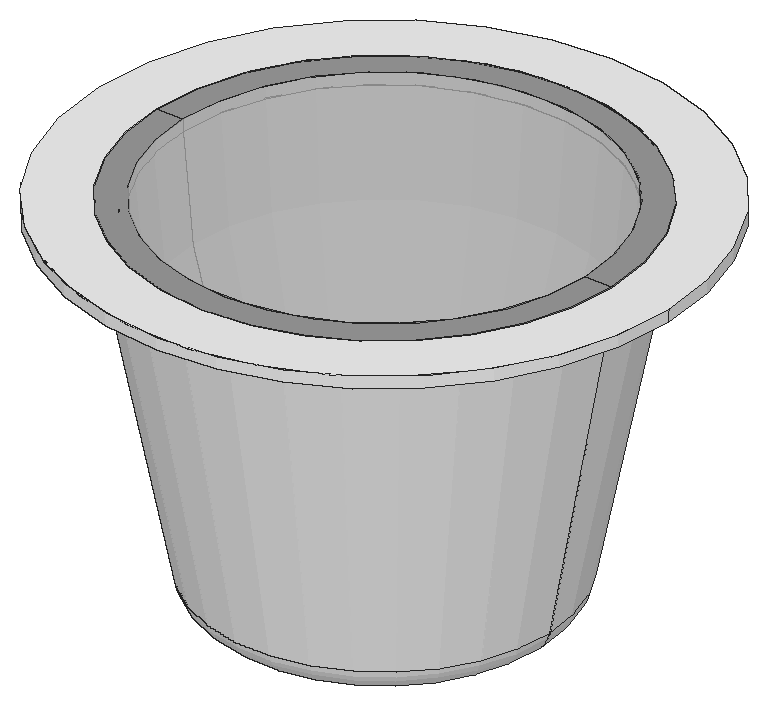
Revit family "2060527 Sylvania Lighting Fixture ASCENT100 II ARCH 1200 4K DALI 120", category Lighting Fixtures, host Face, Revit 2016
Family settings
  Host = Face
  Part Type = Normal
  Round Connector Dimension = Use Diameter
  OmniClass Number = 23.80.70.11.17
  OmniClass Title = Specialized Lighting by Location or Use
  Cut with Voids When Loaded = No
  Light Source = Yes
  Shared = No
  Room Calculation Point = No
Parameters (values of type "2060527 ASCT100 II ARCH 1200 4K DALI 120")
  Weight = "0.715 kg"
  WarrantyStartDate [instance] = "n/a"
  WarrantyGuarantorParts = "n/a"
  WarrantyDurationUnit = "n/a"
  WarrantyDurationParts = "n/a"
  WarrantyDescription = "n/a"
  Voltage = 0 V
  TypeName = "ASCENT100 II ARCH 1200 4K DALI 120"
  SerialNumber [instance] = "n/a"
  ReflectorRadius_SYL = Radius_SYL - 15.0 mm  # 60.0 mm
  PowerFactor = 0
  PowerConsumption = "10 W"
  NominalWidth = 0.0 mm
  NominalLength = 0.0 mm
  NominalHeight = 94.0 mm
  Name = "ASCENT100 II ARCH 1200 4K DALI 120"
  ModelReference = "ASCENT100 II ARCH 1200 4K DALI 120"
  ModelNumber = "2060527"
  Material_4_SYL = Aluminium_Sylvania_Ascent_Silver
  Radius_SYL = 75.0 mm
  Wattage = 10 W
  built-in parameter 1150110 = 1 (stored number, unit not read)
  URL = "http://www.sylvania-lighting.com"
  built-in parameter 1114217 = 1 (stored number, unit not read)
  Tilt Angle = -90°
  built-in parameter 1150109 = 1 (stored number, unit not read)
  built-in parameter 1150134 = 12
  built-in parameter 1150113 = 1 (stored number, unit not read)
  Photometric Web File = "2060527.ies"
  Material = "aluminium housing, acrylic diffuser"
  ManufacturerName = "Feilo Sylvania"
  LuminousEfficacy = "123 lm/W"
  LuminaireType = ""
  LightOutputRatio = "100"
  LampsType = Lamp  # "LED"
  LampNominalLuminous = "1228 lm"
  LampMacAdamStep = "n/a"
  LampColourTemperature = "4000 K"
  LampColourRenderingIndex = "80"
  Keynote = "16500"
  InstallationDate [instance] = "n/a"
  InputVoltage = "n/a"
  InputNominalFrequency = "n/a"
  IngressProtection = "IP40"
  ImpactProtectionIndex = "IK02"
  IfcExportType = "IfcLightFixtureType"
  IfcExportAs = "IfcLightFixtureType"
  Height_SYL = 94.0 mm
  ExpectedLife = 50000
  Emit from Circle Diameter = 2 * DiffuserRadius_SYL  # 106.0 mm
  Emit Shape Visible in Rendering = no
  ElectricShockClassification = "Class II"
  DurationUnit = "hours"
  DocumentationLiterature = "http://www.sylvania-lighting.com/product/en-int/products/2060527"
  DimmingControlOptions = "n/a"
  DiffuserRadius_SYL = ReflectorRadius_SYL - 7.0 mm  # 53.0 mm
  Material_3_SYL = Polycarbonate_Sylvania_Ascent_Clear
  Diameter_SYL = 2 * Radius_SYL  # 150.0 mm
  CutoutDiameter_SYL = Diameter_SYL - 13.0 mm  # 137.0 mm
  CreatedOn = "9/17/2018"
  CreatedBy = "@sylvania-lighting.com"
  built-in parameter 1114216 [instance] = 1 (stored number, unit not read)
  Model = "ASCENT100 II ARCH 1200 4K DALI 120"
  Manufacturer = "Feilo Sylvania"
  built-in parameter 1150105 = 97.88 (stored number, unit not read)
  Lumens = 1230 lm
  built-in parameter 1150115 = 1 (stored number, unit not read)
  built-in parameter 1150137 = (empty or 0)
  built-in parameter 1150139 = (empty or 0)
  built-in parameter 1150112 = 1 (stored number, unit not read)
  built-in parameter 1150114 = 1 (stored number, unit not read)
  Lamp = "LED"
  built-in parameter 1150132 = 2
  built-in parameter 1150102 = (empty or 0)
  built-in parameter 1150107 = 4000 (stored number, unit not read)
  built-in parameter 1150138 = (empty or 0)
  built-in parameter 1150106 = 0.9788 (stored number, unit not read)
  Material_1_SYL = Aluminum_Sylvania_Ascent_White
  built-in parameter 1150104 = 11.427 (stored number, unit not read)
  Dimming Lamp Color Temperature Shift = <None>
  Description = "Direct LED retro fit for original LED 100 Arch (120) single CFL lamp offering Matching lumen levels and improved light distribution of original LED 100 CFL lamp equivalents Typically half the power consumption compared to CFL Up to 104lm/W 120mm aperture Architectural reflector accepts range of glass accessories from existing LED 100 Arch 120 offering HE, HO and VHO versions equivalent of single 1 x 13W, 1 x 18W, 1 x 26W Additional VVHO versions which offer the performance circa 2 x 26W equivalent"  # constant formula
  Default Elevation = 0.0 mm
  Color Filter = 16777215
  built-in parameter 1140040 [instance] = 1
  BarCode [instance] = "n/a"
  built-in parameter 1114218 = 1 (stored number, unit not read)
  built-in parameter 1150133 = 10 (stored number, unit not read)
  AssetType = "Fixed"
  AssetIdentifier [instance] = "n/a"
  Assembly Code = "D5020200"
  Apparent Load = 10 VA
  Aperture_SYL = 2 * ReflectorRadius_SYL  # 120.0 mm
  Material_2_SYL = Aluminum_Sylvania_Ascent_White
Reference planes
  plane 1 "Center (Front/Back)": y = 0
  plane 2: z = 0
  plane 3 "Center (Left/Right)": x = 0
  plane 4 "Fixture Bottom": z = 3
  plane 5: z = -52.5
  plane 6 "Fixture Top": z = -91
Forms (mm)
  Extrusion 1, solid, material "Aluminum_Sylvania_Ascent_White" <- "Material_2_SYL", detail levels fine
    sketch origin (0, 0, 0) x (1, 0, 0) y (0, 1, 0)
      loop
        circle (0, 0) r 75
      loop
        circle (0, 0) r 60
    from 0 to 3
  Extrusion 2, void
    sketch origin (0, 0, 0) x (1, 0, 0) y (0, 1, 0)
      loop
        circle (0, 0) r 68.5
    from -91 to 3
  Revolve 3, solid, material "Aluminum_Sylvania_Ascent_White" <- "Material_1_SYL", detail levels fine
    sketch origin (0, 0, 0) x (1, 0, 0) y (0, 0, 1)
      loop
        line (0, -91.073) -> (0, -89.023) -> (-35.468, -89.014)
        arc (-35.468, -89.014) -> (-39.352, -87.613) -> (-41.54, -84.139) r 6.307
        line (-41.54, -84.139) -> (-57.991, -2.844) -> (-57.991, 0) -> (-60, 0) -> (-60, -3) -> (-43.5, -84.536)
        arc (-43.5, -84.536) -> (-40.643, -89.203) -> (-35.5, -91.073) r 8.291
        line (-35.5, -91.073) -> (0, -91.073)
      axis (0, 0) -> (0, -91.073)
    angle from 0 to 360
  Revolve 4, solid, material "Aluminium_Sylvania_Ascent_Silver" <- "Material_4_SYL", detail levels fine
    sketch origin (0, 0, 0) x (1, 0, 0) y (0, 0, 1)
      loop
        line (-60, 3) -> (-60, 0) -> (-55, 0)
        arc (-55, 0) -> (-52.349, -26.77) -> (-44.5, -52.5) r 136.5
        line (-44.5, -52.5) -> (-38, -52.5)
        arc (-38, -52.5) -> (-36.857, -61.521) -> (-33.5, -69.971) r 36.166
        line (-33.5, -69.971) -> (0, -69.971) -> (0, -50.5) -> (-43.16, -50.5)
        arc (-43.16, -50.5) -> (-50.517, -25.725) -> (-53, 0) r 134.5
        line (-53, 0) -> (-53, 3) -> (-60, 3)
      axis (0, 3) -> (0, -69.971)
    angle from 0 to 360
  Extrusion 5, solid, material "Polycarbonate_Sylvania_Ascent_Clear" <- "Material_3_SYL", detail levels fine
    sketch origin (0, 0, 0) x (1, 0, 0) y (0, 1, 0)
      loop
        circle (0, 0) r 53
    from 0 to 3
  Revolve 6, solid, material "Aluminum_Sylvania_Ascent_White" <- "Material_2_SYL", detail levels coarse+medium
    sketch origin (0, 0, 0) x (1, 0, 0) y (0, 0, 1)
      loop
        line (0, -91.073) -> (0, 3) -> (-75, 3) -> (-75, 0) -> (-60, 0) -> (-60, -3) -> (-43.5, -84.536)
        arc (-43.5, -84.536) -> (-40.643, -89.203) -> (-35.5, -91.073) r 8.291
        line (-35.5, -91.073) -> (0, -91.073)
      axis (0, 3) -> (0, -91.073)
    angle from 0 to 360
Dimensions and locks
  locked: plane 4 "Fixture Bottom" to plane 2 at 3
  "Height_SYL": plane 4 "Fixture Bottom" to plane 6 "Fixture Top"
  "ReflectorRadius_SYL": plane 3 "Center (Left/Right)" to Revolve 4 sketch curve
  locked: Revolve 4 sketch curve to Revolve 4 sketch curve at 15.5
  locked: Revolve 4 sketch curve to Revolve 4 sketch curve at 5
  locked: Revolve 4 sketch curve to Revolve 4 sketch curve at 7
  locked: Revolve 4 sketch curve to Revolve 4 sketch curve at 22
  locked: Revolve 4 sketch curve to Revolve 4 sketch curve at 26.5
  locked: Revolve 3 sketch curve to Revolve 3 sketch curve at 16.5
  locked: Revolve 3 sketch curve to Revolve 3 sketch curve at 24.5
  "ReflectorRadius_SYL": Revolve 3 sketch curve to plane 3 "Center (Left/Right)"
  locked: Revolve 3 sketch curve to plane 6 "Fixture Top" at 6.464
  locked: plane 2 to Revolve 3 sketch curve at 3
  locked: Revolve 3 sketch curve to Revolve 3 sketch curve at 2
  locked: Revolve 3 sketch curve to Revolve 3 sketch curve at 2.009
  locked: plane 2 to plane 5 at 52.5
  locked: Revolve 6 sketch curve to Revolve 6 sketch curve at 31.5
  locked: Revolve 6 sketch curve to Revolve 6 sketch curve at 39.5
  locked: Revolve 6 sketch curve to Revolve 6 sketch curve at 15
  "Radius_SYL": plane 3 "Center (Left/Right)" to Revolve 6 sketch curve
  "CutoutDiameter_SYL": diameter of Extrusion 2 sketch curve
  "ReflectorRadius_SYL": radius of Extrusion 1 sketch curve
  "DiffuserRadius_SYL": radius of Extrusion 5 sketch curve
  "Radius_SYL": radius of Extrusion 1 sketch curve
  aligned and locked: host face to plane 2
  aligned and locked: host face to level
  aligned and locked: plane 1 "Center (Front/Back)" to imposter light
  aligned and locked: plane 3 "Center (Left/Right)" to imposter light
  aligned and locked: plane 4 "Fixture Bottom" to Extrusion 1
  aligned and locked: Extrusion 1 to plane 2
  aligned and locked: Revolve 3 sketch curve to plane 3 "Center (Left/Right)"
  aligned and locked: Revolve 4 sketch curve to plane 3 "Center (Left/Right)"  (x2)
  aligned and locked: plane 4 "Fixture Bottom" to Revolve 4 sketch curve
  aligned and locked: Revolve 3 sketch curve to imposter light
  aligned and locked: Extrusion 5 to plane 2
  aligned and locked: imposter light to Extrusion 5
  aligned and locked: plane 2 to Revolve 3 sketch curve  (x2)
  aligned and locked: Revolve 6 sketch curve to imposter light
  aligned and locked: Revolve 6 sketch curve to plane 3 "Center (Left/Right)"
  aligned and locked: plane 6 "Fixture Top" to Extrusion 2
  aligned and locked: imposter light to Extrusion 2
  aligned and locked: imposter light to plane 4 "Fixture Bottom"
Automatic sketch dimensions
  plane 1 "Center (Front/Back)" to Extrusion 2 sketch curve = 0.0 mm
  Extrusion 2 sketch curve to plane 3 "Center (Left/Right)" = 0.0 mm
  Extrusion 1 sketch curve to Extrusion 1 sketch curve = 0.0 mm  (x2)
  plane 1 "Center (Front/Back)" to Extrusion 1 sketch curve = 0.0 mm
  Extrusion 1 sketch curve to plane 3 "Center (Left/Right)" = 0.0 mm
  plane 6 "Fixture Top" to Revolve 3 sketch curve = 0.073 mm
  Revolve 3 sketch curve to plane 6 "Fixture Top" = 6.861 mm
  Revolve 3 sketch curve to Revolve 3 sketch curve = 0.003 mm
  Revolve 3 sketch curve to Revolve 3 sketch curve = 0.009 mm  (x2)
  Revolve 3 sketch curve to Revolve 3 sketch curve = 0.023 mm
  Revolve 3 sketch curve to Revolve 3 sketch curve = 0.072 mm
  Revolve 3 sketch curve to Revolve 3 sketch curve = 0.008 mm
  Revolve 3 sketch curve to plane 6 "Fixture Top" = 1.977 mm
  Revolve 3 sketch curve to Revolve 3 sketch curve = 33.496 mm
  Revolve 3 sketch curve to Revolve 3 sketch curve = 0.028 mm
  plane 4 "Fixture Bottom" to Revolve 3 sketch curve = 82.431 mm
  Revolve 4 sketch curve to Revolve 4 sketch curve = 0.0 mm  (x2)
  Revolve 4 sketch curve to plane 5 = 0.0 mm
  Revolve 4 sketch curve to level = 0.0 mm
  plane 5 to Revolve 4 sketch curve = 2.0 mm
  plane 4 "Fixture Bottom" to Revolve 4 sketch curve = 9.642 mm
  plane 1 "Center (Front/Back)" to Extrusion 5 sketch curve = 0.0 mm
  Extrusion 5 sketch curve to plane 3 "Center (Left/Right)" = 0.0 mm
  Revolve 4 sketch curve to level = 69.971 mm
  Revolve 4 sketch curve to Revolve 4 sketch curve = 2.387 mm
  Revolve 6 sketch curve to level = 0.0 mm
  Revolve 6 sketch curve to plane 3 "Center (Left/Right)" = 0.0 mm
  Revolve 6 sketch curve to Revolve 6 sketch curve = 8.104 mm
  Revolve 6 sketch curve to level = 3.0 mm
  Revolve 6 sketch curve to plane 6 "Fixture Top" = 6.464 mm
  plane 6 "Fixture Top" to Revolve 6 sketch curve = 0.073 mm
  Revolve 6 sketch curve to Revolve 6 sketch curve = 33.496 mm
  plane 4 "Fixture Bottom" to Revolve 6 sketch curve = 82.431 mm
  host sketch curve to host sketch curve = 1368.192 mm
  host sketch curve to host sketch curve = 1600.367 mm
Connectors
  electrical at (0, 0, -91.073), driven by "Apparent Load"
    settings: on Revolve 3, index 1, voltage 240 V, apparent load 0 VA, apparent load phase1 10 VA, apparent load phase2 0 VA, apparent load phase3 0 VA, power factor 1, load classification "Lighting", number of poles 1, system type 31, power factor state 1, is connector primary yes, connector utility no, sub classification motor no, connector description ""
